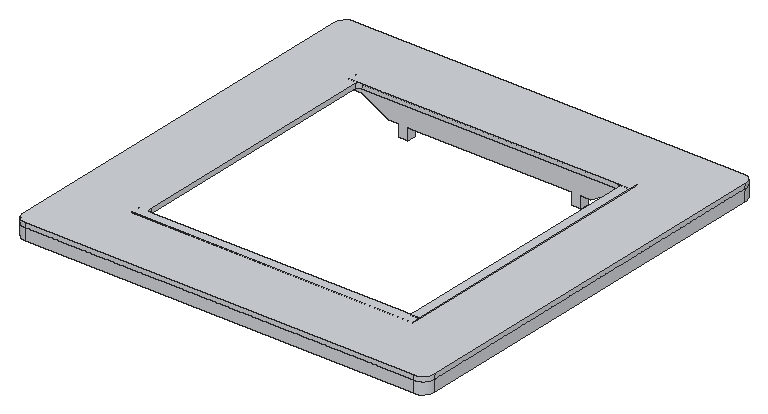
Revit family "Gira_0211295", category Electrical Fixtures, host Face, Revit 2017
Family settings
  Host = Face
  Maintain Annotation Orientation = No
  Round Connector Dimension = Use Diameter
  Part Type = Normal
  Cut with Voids When Loaded = No
  Shared = No
  Room Calculation Point = No
Parameters (values of type "Abdeckrahmen 1f flach Gira E2 Reinweiß")
  Werkstoffgüte = "Thermoplast"
  Werkstoff = "Kunststoff"
  URL = "http://katalog.gira.de/de_DE/datenblatt.html?artikelnr=0211295"
  Transparent = "No"
  Textfeld/Beschriftungsfläche = "No"
  Schutzart (IP) = "IP20"
  Region = "DE"
  RAL-Nummer (ähnlich) = "9010 "
  Oberfläche = "sonstige"
  Name = "Abdeckrahmen 1f flach Gira E2 Reinweiß"
  Montagerichtung = "horizontal und vertikal"
  Mit Montagerahmen = "No"
  Mit Klappdeckel = "No"
  Manufacturer URL = "https://www.gira.de/"
  Keynote = "E2flach_Rahmen_1fach.stp"
  HeinzeBIM = "https://bimportal.heinze.de/bim/abdeckrahmen-1f-flach-gira-e2-reinweiss/2b91a80beee54fe65c890e24a301b51d3f3a6594"
  Halogenfrei = "Yes"
  HAN = "0211295"
  Geeignet für Unterputz-Installation = "Yes"
  Geeignet für Unterflurkanaldose = "No"
  Geeignet für Geräteeinbaukanal = "No"
  Geeignet für Einbauinstallation = "No"
  GTIN = "4010337022299"
  Farbe = "weiß"
  Default Elevation = 1219.2 mm
  Data sheet (1) = "https://katalog.gira.de/de_DE/download.html?artikelnr=0211295"
  Category = "Abdeckrahmen"
  Befestigungsart = "Klemmbefestigung"
  Available = "Yes"
  Ausführung der Oberfläche = "glänzend"
  Anzahl der Einheiten vertikal = "1 "
  Anzahl der Einheiten horizontal = "1 "
  Anzahl der Einheiten = "1 "
Reference planes
  plane 1 "Center (Front/Back)": y = 0
  plane 2: z = 0
  plane 3 "Center (Left/Right)": x = 0
Forms (mm)
  Extrusion 1, solid, detail levels fine
    sketch origin (0, 0, 0) x (1, 0, 0) y (0, 1, 0)
      loop
        arc (-41.4, 43.9) -> (-43.168, 43.168) -> (-43.9, 41.4) r 2.5
        line (-43.9, 41.4) -> (-43.9, -41.4)
        arc (-43.9, -41.4) -> (-43.168, -43.168) -> (-41.4, -43.9) r 2.5
        line (-41.4, -43.9) -> (41.4, -43.9)
        arc (41.4, -43.9) -> (43.168, -43.168) -> (43.9, -41.4) r 2.5
        line (43.9, -41.4) -> (43.9, 41.4)
        arc (43.9, 41.4) -> (43.168, 43.168) -> (41.4, 43.9) r 2.5
        line (41.4, 43.9) -> (-41.4, 43.9)
      loop
        spline (-28.144, -27.245) -> (-28.136, -27.363) -> (-28.113, -27.478) -> (-28.075, -27.589) -> (-28.023, -27.695) -> (-27.958, -27.792) -> (-27.881, -27.881) -> (-27.792, -27.958) -> (-27.695, -28.023) -> (-27.589, -28.075) -> (-27.478, -28.113) -> (-27.363, -28.136) -> (-27.245, -28.144)
        line (-27.245, -28.144) -> (27.245, -28.144)
        spline (27.245, -28.144) -> (27.363, -28.136) -> (27.478, -28.113) -> (27.589, -28.075) -> (27.695, -28.023) -> (27.792, -27.958) -> (27.881, -27.881) -> (27.958, -27.792) -> (28.023, -27.695) -> (28.075, -27.589) -> (28.113, -27.478) -> (28.136, -27.363) -> (28.144, -27.245)
        line (28.144, -27.245) -> (28.144, 27.245)
        spline (28.144, 27.245) -> (28.136, 27.363) -> (28.113, 27.478) -> (28.075, 27.589) -> (28.023, 27.695) -> (27.958, 27.792) -> (27.881, 27.881) -> (27.792, 27.958) -> (27.695, 28.023) -> (27.589, 28.075) -> (27.478, 28.113) -> (27.363, 28.136) -> (27.245, 28.144)
        line (27.245, 28.144) -> (-27.245, 28.144)
        spline (-27.245, 28.144) -> (-27.363, 28.136) -> (-27.478, 28.113) -> (-27.589, 28.075) -> (-27.695, 28.023) -> (-27.792, 27.958) -> (-27.881, 27.881) -> (-27.958, 27.792) -> (-28.023, 27.695) -> (-28.075, 27.589) -> (-28.113, 27.478) -> (-28.136, 27.363) -> (-28.144, 27.245)
        line (-28.144, 27.245) -> (-28.144, -27.245)
    from 2.5 to 3.4
  Extrusion 2, solid, detail levels fine
    sketch origin (0, 0, 0) x (1, 0, 0) y (0, 1, 0)
      loop
        arc (-41.4, 43.9) -> (-43.168, 43.168) -> (-43.9, 41.4) r 2.5
        line (-43.9, 41.4) -> (-43.9, -41.4)
        arc (-43.9, -41.4) -> (-43.168, -43.168) -> (-41.4, -43.9) r 2.5
        line (-41.4, -43.9) -> (41.4, -43.9)
        arc (41.4, -43.9) -> (43.168, -43.168) -> (43.9, -41.4) r 2.5
        line (43.9, -41.4) -> (43.9, 41.4)
        arc (43.9, 41.4) -> (43.168, 43.168) -> (41.4, 43.9) r 2.5
        line (41.4, 43.9) -> (-41.4, 43.9)
      loop
        arc (-41.4, 43.4) -> (-42.814, 42.814) -> (-43.4, 41.4) r 2
        line (-43.4, 41.4) -> (-43.4, -41.4)
        arc (-43.4, -41.4) -> (-42.814, -42.814) -> (-41.4, -43.4) r 2
        line (-41.4, -43.4) -> (41.4, -43.4)
        arc (41.4, -43.4) -> (42.814, -42.814) -> (43.4, -41.4) r 2
        line (43.4, -41.4) -> (43.4, 41.4)
        arc (43.4, 41.4) -> (42.814, 42.814) -> (41.4, 43.4) r 2
        line (41.4, 43.4) -> (-41.4, 43.4)
    from 0 to 2.5
  Extrusion 3, solid, detail levels fine
    sketch origin (0, 0, 0) x (1, 0, 0) y (0, 0, 1)
      loop
        line (-17.5, -4.06) -> (-17.5, -1.56) -> (17.5, -1.56) -> (17.5, -4.06) -> (19.5, -4.06) -> (19.5, -1.56) -> (21.654, -1.56) -> (27.214, 1.65) -> (30, 1.65) -> (30, 3.4) -> (-30, 3.4) -> (-30, 1.65) -> (-27.214, 1.65) -> (-21.654, -1.56) -> (-19.5, -1.56) -> (-19.5, -4.06) -> (-17.5, -4.06)
    from 28.144 to 30
  Extrusion 4, solid, detail levels fine
    sketch origin (0, 0, 0) x (0, -1, 0) y (0, 0, -1)
      loop
        line (-17.5, 4.06) -> (-19.5, 4.06) -> (-19.5, 1.56) -> (-21.654, 1.56) -> (-27.214, -1.65) -> (-28.144, -1.65) -> (-28.144, -3.4) -> (28.144, -3.4) -> (28.144, -1.65) -> (27.214, -1.65) -> (21.654, 1.56) -> (19.5, 1.56) -> (19.5, 4.06) -> (17.5, 4.06) -> (17.5, 1.56) -> (-17.5, 1.56) -> (-17.5, 4.06)
    from 28.144 to 30
  Extrusion 5, solid, detail levels medium
    sketch origin (0, 0, 0) x (0, -1, 0) y (0, 0, 1)
      loop
        line (-17.5, -4.06) -> (-17.5, -1.56) -> (17.5, -1.56) -> (17.5, -4.06) -> (19.5, -4.06) -> (19.5, -1.56) -> (28.144, -1.56) -> (28.144, 3.4) -> (-28.144, 3.4) -> (-28.144, -1.56) -> (-19.5, -1.56) -> (-19.5, -4.06) -> (-17.5, -4.06)
    from 28.144 to 30
  Extrusion 6, solid, detail levels fine
    sketch origin (0, 0, 0) x (1, 0, 0) y (0, 0, -1)
      loop
        line (-17.5, 4.06) -> (-19.5, 4.06) -> (-19.5, 1.56) -> (-21.654, 1.56) -> (-27.214, -1.65) -> (-30, -1.65) -> (-30, -3.4) -> (30, -3.4) -> (30, -1.65) -> (27.214, -1.65) -> (21.654, 1.56) -> (19.5, 1.56) -> (19.5, 4.06) -> (17.5, 4.06) -> (17.5, 1.56) -> (-17.5, 1.56) -> (-17.5, 4.06)
    from 28.144 to 30
  Extrusion 7, solid, detail levels coarse
    sketch origin (0, 0, 0) x (1, 0, 0) y (0, 1, 0)
      loop
        line (-43.9, 43.9) -> (-43.9, -43.9) -> (43.9, -43.9) -> (43.9, 43.9) -> (-43.9, 43.9)
    from -4.06 to 3.4
  Extrusion 8, solid, detail levels medium
    sketch origin (0, 0, 0) x (1, 0, 0) y (0, 1, 0)
      loop
        line (-43.9, 43.9) -> (-43.9, -43.9) -> (43.9, -43.9) -> (43.9, 43.9) -> (-43.9, 43.9)
    from 0 to 3.4
  Extrusion 9, solid, detail levels medium
    sketch origin (0, 0, 0) x (1, 0, 0) y (0, 0, 1)
      loop
        line (-17.5, -4.06) -> (-17.5, -1.56) -> (17.5, -1.56) -> (17.5, -4.06) -> (19.5, -4.06) -> (19.5, -1.56) -> (30, -1.56) -> (30, 3.4) -> (-30, 3.4) -> (-30, -1.56) -> (-19.5, -1.56) -> (-19.5, -4.06) -> (-17.5, -4.06)
    from 28.144 to 30
  Extrusion 10, solid, detail levels medium
    sketch origin (0, 0, 0) x (1, 0, 0) y (0, 0, -1)
      loop
        line (-17.5, 4.06) -> (-19.5, 4.06) -> (-19.5, 1.56) -> (-30, 1.56) -> (-30, -3.4) -> (30, -3.4) -> (30, 1.56) -> (19.5, 1.56) -> (19.5, 4.06) -> (17.5, 4.06) -> (17.5, 1.56) -> (-17.5, 1.56) -> (-17.5, 4.06)
    from 28.144 to 30
  Extrusion 11, solid, detail levels medium
    sketch origin (0, 0, 0) x (0, -1, 0) y (0, 0, -1)
      loop
        line (-17.5, 4.06) -> (-19.5, 4.06) -> (-19.5, 1.56) -> (-28.144, 1.56) -> (-28.144, -3.4) -> (28.144, -3.4) -> (28.144, 1.56) -> (19.5, 1.56) -> (19.5, 4.06) -> (17.5, 4.06) -> (17.5, 1.56) -> (-17.5, 1.56) -> (-17.5, 4.06)
    from 28.144 to 30
Lines and regions (mm)
  reference lines
    curve 1: line (0, 43.9, 0) -> (0, -43.9, 0)
Dimensions and locks
  aligned and locked: plane 2 to host face
  aligned and locked: level to host face
